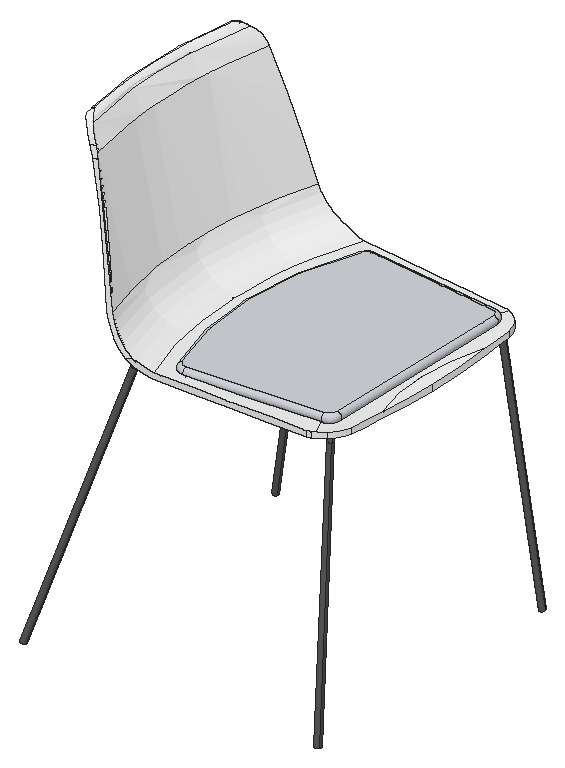
Revit family "FU_Chair_Sandler_VARYA_1-2", category Furniture, Revit 2020
Family settings
  OmniClass Number = 23.21.23.15.17
  Work Plane-Based = Yes
  Always vertical = No
  Cut with Voids When Loaded = No
  Shared = No
  Room Calculation Point = No
Parameters (values of type "VARYA 1.2")
  Youtube clip = ""
  Uniformat II Description = "Movable Furnishings"
  Uniformat II Code = ""
  Uniclass 2015 Name = ""
  Uniclass 2015 Code = ""
  Uniclass 2.0 Description = ""
  Uniclass 2.0 Code = ""
  Uniclass 1.4 Description = ""
  Uniclass 1.4 Code = ""
  UNSPSC Code = ""
  Shell = TP02 : TP02
  Frame = BS02 : BS02
  Technical description = ""
  Shell Material = M1_W01 - White
  Seat Material = Fabric - Mainline Flax - Kensington MLF07
  Height Frame = 458.900 mm
  Frame Material = M1_B00 - Black
  401D = no
  Region South America = "All"
  Region Oceania = "All"
  Region North America = "All"
  Region Middle East = "All"
  Region Europe = "All"
  Region Asia = "All"
  Region Antarctica = "All"
  Region Africa = "All"
  QR code = "https://www.sandlerseating.com/product/dunas-lounge-5-1/"
  Product url = ""
  Product name = "VARYA 1.2"
  Product group = "Chair"
  Product family = "Furniture"
  Product data url = "https://www.sandlerseating.com/product/varya-1-2/"
  Product certification = ""
  Product SKU = "??"
  Product Guid = "??"
  OmniClass Description = ""
  OmniClass Code = "23-21 23 15 17"
  NBS Reference Description = ""
  NBS Reference Code = ""
  Model = "VARYA 1.2"
  Masterformat 2014 Description = "Chair Mats"
  Masterformat 2014 Code = "12 48 43.13"
  Manufacturer name = "Sandler"
  Manufacturer country = "USA"
  Manufacturer = "Sandler"
  401G = no
  Installation instructions = ""
  IFC Classification = "Furnishing Element"
  GTIN code = ""
  Edition number = 1
  Design country = "Brasil"
  Description = "Chair"
  Default Elevation = 1219.200 mm
  Date of publishing = ""
  COBIe Type Category = ""
  Brand url = "https://www.sandlerseating.com/"
  BIMobject main category code = "furniture"
  BIMobject main category = "Furniture"
  BIMobject category code = "furniture-chair"
  BIMobject category = "Chair"
Types (2, lengths in mm): name | Shell | Shell Material | Seat Material | Frame Material | Product name | Product data url | Model
  VARYA 1.2 PP | TP01 : TP01 | M2_M38 | Fabric - Gravity - Wheat CPC21 | M1_W01 - White | "VARYA 1.2 PP" | "https://www.sandlerseating.com/product/varya-1-2-pp/" | "VARYA 1.2 PP"
  VARYA 1.2 | TP02 : TP02 | M1_W01 - White | Fabric - Mainline Flax - Kensington MLF07 | M1_B00 - Black | "VARYA 1.2" | "https://www.sandlerseating.com/product/varya-1-2/" | "VARYA 1.2"
Reference planes
  plane 1 "Center Front/Back": y = 0
  plane 2: z = 0
  plane 3 "Center Left/Right": x = 0
  plane 4 "Heigth Shell": z = 458.9
Dimensions and locks
  "Height Frame": plane 4 "Heigth Shell" to plane 2
  aligned and locked: level to plane 2
Nested families
  nested 1: "BS02" at (-51.25, 1.648, 0) x (0, 1, 0) z (0, 0, 1), type <- "Frame", Frame Material <- "Frame Material", type "BS02"
    with Frame Material M1_B00 - Black
  nested 2: "TP02" at (-60, 0, 428.1) x (0, 1, 0) z (0, 0, 1), type <- "Shell", Shell Material <- "Shell Material", type "TP02"
    with Shell Material M1_W01 - White, Seat Material none
Definition of nested family "BS02"
  Parameters (values of type "BS02")
    Frame Material [instance] = none
    Default Elevation = 0.000 mm
  Reference planes
    plane 1 "Center (Front/Back)": y = 0
    plane 2: z = 0
    plane 3 "Center (Left/Right)": x = 0
  Forms (mm)
    Sweep 1, solid, material <- "Frame Material"
      path origin (-148.48, -68.498, 392.589) x (0.309285, 0.950954, 0.005471) y (0.097586, -0.03746, 0.994522)
        loop
          line (-199.313, -392.852) -> (-155.77, 60.696)
          arc (-155.77, 60.696) -> (-151.887, 68.446) -> (-143.801, 71.571) r 12.024
          line (-143.801, 71.571) -> (-92.631, 71.571)
      profile origin (-219.598, -231.111, 226.45) x (-0.298543, -0.950181, 0.089598) y (0.945949, -0.307057, -0.104385)
        loop
          circle (0, 0) r 5
    Sweep 2, solid, material <- "Frame Material"
      path origin (-143.841, -19.492, 390.714) x (-0.30874, 0.951131, 0.005471) y (0.100967, 0.027054, 0.994522)
        loop
          line (92.709, 71.68) -> (132.709, 71.68)
          arc (132.709, 71.68) -> (147.404, 66.905) -> (156.486, 54.405) r 25
          line (156.486, 54.405) -> (301.067, -390.569)
      profile origin (-231.444, 193.557, 224.804) x (-0.262429, 0.912939, 0.312527) y (0.945772, 0.307601, -0.104385)
        loop
          circle (0, 0) r 5
    Sweep 3, solid, material <- "Frame Material"
      path origin (2.5, 1.908, 24.606) x (1, 0, 0) y (0, 0.99999, 0.004363)
        loop
          line (-167.72, 70.018) -> (-173.009, -160.741)
      profile origin (-167.864, -43.453, 24.408) x (0.999737, -0.022915, -0.0001) y (0, -0.004363, 0.99999)
        loop
          circle (0, 437.656) r 5
    Sweep 4, solid, material <- "Frame Material"
      path origin (148.48, -68.498, 392.589) x (-0.309285, 0.950954, 0.005471) y (0.097586, 0.03746, -0.994522)
        loop
          line (-199.313, 392.852) -> (-155.77, -60.696)
          arc (-155.77, -60.696) -> (-151.887, -68.446) -> (-143.801, -71.571) r 12.024
          line (-143.801, -71.571) -> (-92.631, -71.571)
      profile origin (219.598, -231.111, 226.45) x (-0.298543, 0.950181, -0.089598) y (-0.945949, -0.307057, -0.104385)
        loop
          circle (0, 0) r 5
    Sweep 5, solid, material <- "Frame Material"
      path origin (143.841, -19.492, 390.714) x (0.30874, 0.951131, 0.005471) y (0.100967, -0.027054, -0.994522)
        loop
          line (85.324, -70.51) -> (125.324, -70.51)
          arc (125.324, -70.51) -> (140.019, -65.736) -> (149.1, -53.236) r 25
          line (149.1, -53.236) -> (294.043, 392.852)
      profile origin (229.394, 186.658, 223.048) x (-0.262429, -0.912939, -0.312527) y (-0.945772, 0.307601, -0.104385)
        loop
          circle (0, 0) r 5
    Sweep 6, solid, material <- "Frame Material"
      path origin (-2.5, 1.908, 24.606) x (-1, 0, 0) y (0, -0.99999, -0.004363)
        loop
          line (-166.183, -63.664) -> (-173.009, 160.741)
      profile origin (167.096, -46.63, 24.394) x (0.999538, 0.030405, 0.000133) y (0, -0.004363, 0.99999)
        loop
          circle (0, 437.656) r 5
  Dimensions and locks
    aligned and locked: level to plane 2
Definition of nested family "TP02"
  Parameters (values of type "TP02")
    Youtube clip = ""
    Uniformat II Description = "Movable Furnishings"
    Uniformat II Code = ""
    Uniclass 2015 Name = ""
    Uniclass 2015 Code = ""
    Uniclass 2.0 Description = ""
    Uniclass 2.0 Code = ""
    Uniclass 1.4 Description = ""
    Uniclass 1.4 Code = ""
    UNSPSC Code = ""
    Technical description = ""
    Seat Material [instance] = none
    Default Elevation = 1219.200 mm
    401D = no
    Region South America = "All"
    Region Oceania = "All"
    Region North America = "All"
    Region Middle East = "All"
    Region Europe = "All"
    Region Asia = "All"
    Region Antarctica = "All"
    Region Africa = "All"
    QR code = "https://www.sandlerseating.com/product/dunas-lounge-5-1/"
    Product url = ""
    Product name = "Dunas Lounge 5.1"
    Product group = "Chair"
    Product family = "Furniture"
    Product data url = "https://www.sandlerseating.com/product/dunas-lounge-5-1/"
    Product certification = ""
    Product SKU = "??"
    Product Guid = "??"
    OmniClass Description = ""
    OmniClass Code = "23-21 23 15 17"
    NBS Reference Description = ""
    NBS Reference Code = ""
    Model = "Dunas Lounge 5.1"  # constant formula
    Masterformat 2014 Description = "Chair Mats"
    Masterformat 2014 Code = "12 48 43.13"
    Manufacturer name = "Sandler"
    Manufacturer country = "USA"
    Manufacturer = "Sandler"  # constant formula
    401G = yes
    Installation instructions = ""
    IFC Classification = "Furnishing Element"
    GTIN code = ""
    Edition number = 1
    Design country = "Brasil"
    Description = "Chair"  # constant formula
    Date of publishing = ""
    COBIe Type Category = ""
    Brand url = "https://www.sandlerseating.com/"
    Shell Material [instance] = none
    BIMobject main category code = "furniture"
    BIMobject main category = "Furniture"
    BIMobject category code = "furniture-chair"
    BIMobject category = "Chair"
  Reference planes
    plane 1 "Center Front/Back": y = 0
    plane 2: z = 0
    plane 3 "Center Left/Right": x = 0
    plane 4: y = 234.279
    plane 5: x = 400
    plane 6: x = -400
    plane 7: y = -500
    plane 8: x = -600
    plane 9: x = 600
    plane 10 "Pivo": y = -89.33
  Forms (mm)
    SweptBlend 1, solid, material <- "Shell Material"
      path origin (5.681, -212.5, 0) x (1, 0, 0) y (0, 1, 0)
        loop
          arc (-317.221, 139.285) -> (-9.402, 229.926) -> (301.107, 148.975) r 600
      profile "Profile Lateral : Profile Lateral" origin (-311.539, -73.215, 0) x (-0.528701, 0.848808, 0) y (0, 0, 1)
        loop
          arc (220.072, 373.875) -> (220.776, 379.083) -> (216.324, 381.876) r 4.851
          arc (216.324, 381.876) -> (209.979, 378.228) -> (205.376, 372.537) r 19.958
          arc (205.376, 372.537) -> (196.162, 356.573) -> (188.635, 339.748) r 179.403
          arc (188.635, 339.748) -> (162.543, 233.058) -> (144.335, 124.743) r 1498.854
          arc (144.335, 124.743) -> (120.197, 79.841) -> (74.028, 58.225) r 81.068
          line (74.028, 58.225) -> (-180.577, 50.222)
          arc (-180.577, 50.222) -> (-217.915, 49.974) -> (-255.089, 46.48) r 428.848
          arc (-255.089, 46.48) -> (-277.323, 40.838) -> (-297.701, 30.309) r 100.67
          arc (-297.701, 30.309) -> (-299.067, 23.371) -> (-292.129, 22.005) r 5
          arc (-292.129, 22.005) -> (-273.768, 31.491) -> (-253.736, 36.572) r 90.67
          arc (-253.736, 36.572) -> (-217.251, 39.995) -> (-180.606, 40.216) r 418.848
          line (-180.606, 40.216) -> (74.763, 48.243)
          arc (74.763, 48.243) -> (126.989, 72.501) -> (154.223, 123.238) r 91.068
          arc (154.223, 123.238) -> (172.269, 230.706) -> (198.126, 336.566) r 1488.854
          arc (198.126, 336.566) -> (205.277, 352.434) -> (214.019, 367.485) r 169.403
          arc (214.019, 367.485) -> (216.964, 370.757) -> (220.072, 373.875) r 86.344
      end profile "Profile Lateral : Profile Lateral" origin (306.788, -63.525, 0) x (0.501844, 0.864958, 0) y (0, 0, 1)
        loop
          arc (220.072, 373.875) -> (220.776, 379.083) -> (216.324, 381.876) r 4.851
          arc (216.324, 381.876) -> (209.979, 378.228) -> (205.376, 372.537) r 19.958
          arc (205.376, 372.537) -> (196.162, 356.573) -> (188.635, 339.748) r 179.403
          arc (188.635, 339.748) -> (162.543, 233.058) -> (144.335, 124.743) r 1498.854
          arc (144.335, 124.743) -> (120.197, 79.841) -> (74.028, 58.225) r 81.068
          line (74.028, 58.225) -> (-180.577, 50.222)
          arc (-180.577, 50.222) -> (-217.915, 49.974) -> (-255.089, 46.48) r 428.848
          arc (-255.089, 46.48) -> (-277.323, 40.838) -> (-297.701, 30.309) r 100.67
          arc (-297.701, 30.309) -> (-299.067, 23.371) -> (-292.129, 22.005) r 5
          arc (-292.129, 22.005) -> (-273.768, 31.491) -> (-253.736, 36.572) r 90.67
          arc (-253.736, 36.572) -> (-217.251, 39.995) -> (-180.606, 40.216) r 418.848
          line (-180.606, 40.216) -> (74.763, 48.243)
          arc (74.763, 48.243) -> (126.989, 72.501) -> (154.223, 123.238) r 91.068
          arc (154.223, 123.238) -> (172.269, 230.706) -> (198.126, 336.566) r 1488.854
          arc (198.126, 336.566) -> (205.277, 352.434) -> (214.019, 367.485) r 169.403
          arc (214.019, 367.485) -> (216.964, 370.757) -> (220.072, 373.875) r 86.344
    Extrusion 2, void
      sketch origin (5.681, 0, 0) x (1, 0, 0) y (0, 1, 0)
        loop
          line (-247.765, 106.22) -> (-247.765, 266.22) -> (-487.765, 266.22) -> (-487.765, -333.78) -> (-7.5, -333.78) -> (472.765, -333.78) -> (472.765, 266.22) -> (232.765, 266.22) -> (232.765, 106.22) -> (213.357, -213.191)
          arc (213.357, -213.191) -> (196.502, -241.247) -> (166.837, -255.077) r 55.957
          arc (166.837, -255.077) -> (79.688, -257.728) -> (-7.5, -258.12) r 3363.946
          arc (-7.5, -258.12) -> (-94.688, -257.728) -> (-181.837, -255.077) r 3363.946
          arc (-181.837, -255.077) -> (-211.502, -241.247) -> (-228.357, -213.191) r 55.957
          line (-228.357, -213.191) -> (-247.765, 106.22)
      from 0 to 250
    Extrusion 3, void
      sketch origin (5.681, 0, 0) x (1, 0, 0) y (0, 0, 1)
        loop
          line (232.252, 65.67) -> (445.023, 65.67) -> (445.023, 415.67) -> (145.999, 415.67) -> (145.999, 382.34)
          arc (145.999, 382.34) -> (169.969, 371.303) -> (183.516, 348.657) r 44.637
          line (183.516, 348.657) -> (232.252, 65.67)
        loop
          line (-246.936, 65.67) -> (-200.298, 330.165) -> (-196.12, 348.236)
          arc (-196.12, 348.236) -> (-183.265, 370.366) -> (-160.18, 381.415) r 43.434
          line (-160.18, 381.415) -> (-160.18, 415.67) -> (-460.023, 415.67) -> (-460.023, 65.67) -> (-246.936, 65.67)
      from -241.575 to -47.482
    Extrusion 4, solid, material <- "Seat Material"
      sketch origin (7.5, 0, 0) x (1, 0, 0) y (0, 1, 0)
        loop
          arc (-209.681, 32.791) -> (-219.206, 24.695) -> (-222.063, 12.524) r 20
          line (-222.063, 12.524) -> (-201.985, -216.973)
          arc (-201.985, -216.973) -> (-195.573, -229.976) -> (-182.061, -235.23) r 20
          line (-182.061, -235.23) -> (165.399, -235.23)
          arc (165.399, -235.23) -> (178.911, -229.976) -> (185.323, -216.973) r 20
          line (185.323, -216.973) -> (205.402, 12.524)
          arc (205.402, 12.524) -> (202.545, 24.695) -> (193.019, 32.791) r 20
          arc (193.019, 32.791) -> (-8.331, 72.209) -> (-209.681, 32.791) r 533.965
      from 50.222 to 65
    Sweep 5, void
      path in 3D
        loop
          arc (172.899, -235.23, 65) -> (186.411, -229.976, 65) -> (192.823, -216.973, 65) r 20
          line (192.823, -216.973, 65) -> (212.902, 12.524, 65)
          arc (212.902, 12.524, 65) -> (210.045, 24.695, 65) -> (200.519, 32.791, 65) r 20
          arc (200.519, 32.791, 65) -> (-0.831, 72.209, 65) -> (-202.181, 32.791, 65) r 533.965
          arc (-202.181, 32.791, 65) -> (-211.706, 24.695, 65) -> (-214.563, 12.524, 65) r 20
          line (-214.563, 12.524, 65) -> (-194.485, -216.973, 65)
          arc (-194.485, -216.973, 65) -> (-188.073, -229.976, 65) -> (-174.561, -235.23, 65) r 20
          line (-174.561, -235.23, 65) -> (172.899, -235.23, 65)
      profile origin (-0.831, -235.23, 65) x (0, 1, 0) y (0, 0, 1)
        loop
          line (7.389, 0) -> (-2.611, 0) -> (-2.611, -14.778) -> (7.389, -14.778)
          arc (7.389, -14.778) -> (0, -7.389) -> (7.389, 0) r 7.389
  Cuts and joins
    Extrusion 2, Extrusion 3 cuts SweptBlend 1
    Sweep 5 cuts Extrusion 4
  Lines and regions (mm)
    sketch lines
      curve 1: line (-174.561, -235.23, 65) -> (172.899, -235.23, 65)
      curve 2: arc (192.823, -216.973, 65) -> (186.411, -229.976, 65) -> (172.899, -235.23, 65) r 20
      curve 3: line (192.823, -216.973, 65) -> (212.902, 12.524, 65)
      curve 4: arc (200.519, 32.791, 65) -> (210.045, 24.695, 65) -> (212.902, 12.524, 65) r 20
      curve 5: arc (-202.181, 32.791, 65) -> (-0.831, 72.209, 65) -> (200.519, 32.791, 65) r 533.965
      curve 6: arc (-214.563, 12.524, 65) -> (-211.706, 24.695, 65) -> (-202.181, 32.791, 65) r 20
      curve 7: line (-214.563, 12.524, 65) -> (-194.485, -216.973, 65)
      curve 8: arc (-174.561, -235.23, 65) -> (-188.073, -229.976, 65) -> (-194.485, -216.973, 65) r 20
  Dimensions and locks
    equal spacing: plane 6, plane 3 "Center Left/Right", plane 5
    plane 6 to plane 3 "Center Left/Right" = 400.000 mm
    aligned and locked: level to plane 2
  Automatic sketch dimensions
    plane 3 "Center Left/Right" to SweptBlend 1 sketch curve = 5.681 mm
    SweptBlend 1 sketch curve to plane 7 = 82.500 mm
    plane 6 to SweptBlend 1 sketch curve = 88.461 mm
    SweptBlend 1 sketch curve to plane 5 = 93.212 mm
    plane 1 "Center Front/Back" to SweptBlend 1 sketch curve = 73.215 mm
    Extrusion 2 sketch curve to plane 3 "Center Left/Right" = 1.819 mm  (x2)
    Extrusion 2 sketch curve to plane 3 "Center Left/Right" = 30.298 mm
    Extrusion 2 sketch curve to plane 3 "Center Left/Right" = 168.378 mm
    Extrusion 2 sketch curve to Extrusion 2 sketch curve = 54.298 mm  (x2)
    plane 6 to Extrusion 2 sketch curve = 157.917 mm
    Extrusion 2 sketch curve to plane 6 = 82.083 mm
    plane 3 "Center Left/Right" to Extrusion 2 sketch curve = 26.661 mm
    plane 3 "Center Left/Right" to Extrusion 2 sketch curve = 164.741 mm
    Extrusion 2 sketch curve to plane 5 = 161.554 mm
    plane 5 to Extrusion 2 sketch curve = 78.446 mm
    plane 1 "Center Front/Back" to Extrusion 2 sketch curve = 213.191 mm  (x2)
    Extrusion 2 sketch curve to Extrusion 2 sketch curve = 13.528 mm  (x2)
    Extrusion 2 sketch curve to plane 1 "Center Front/Back" = 106.220 mm  (x2)
    plane 4 to Extrusion 2 sketch curve = 31.941 mm  (x2)
    Extrusion 2 sketch curve to Extrusion 2 sketch curve = 2839.485 mm
    Extrusion 2 sketch curve to Extrusion 2 sketch curve = 0.000 mm
    plane 7 to Extrusion 2 sketch curve = 166.220 mm
    Extrusion 2 sketch curve to Extrusion 2 sketch curve = 7.778 mm
    Extrusion 3 sketch curve to plane 6 = 54.341 mm
    level to Extrusion 3 sketch curve = 65.670 mm  (x2)
    plane 6 to Extrusion 3 sketch curve = 158.746 mm
    plane 6 to Extrusion 3 sketch curve = 205.383 mm
    Extrusion 3 sketch curve to Extrusion 3 sketch curve = 4.178 mm
    Extrusion 3 sketch curve to Extrusion 3 sketch curve = 35.941 mm
    Extrusion 3 sketch curve to Extrusion 3 sketch curve = 6.377 mm
    plane 3 "Center Left/Right" to Extrusion 3 sketch curve = 145.830 mm
    Extrusion 3 sketch curve to Extrusion 3 sketch curve = 5.851 mm
    plane 5 to Extrusion 3 sketch curve = 50.704 mm
    Extrusion 3 sketch curve to Extrusion 3 sketch curve = 264.495 mm
    Extrusion 3 sketch curve to Extrusion 3 sketch curve = 272.419 mm
    Extrusion 3 sketch curve to Extrusion 3 sketch curve = 8.287 mm
    Extrusion 3 sketch curve to Extrusion 3 sketch curve = 18.071 mm
    Extrusion 3 sketch curve to Extrusion 3 sketch curve = 44.252 mm
    Extrusion 3 sketch curve to Extrusion 3 sketch curve = 34.255 mm
    Extrusion 3 sketch curve to Extrusion 3 sketch curve = 33.330 mm
    Extrusion 3 sketch curve to Extrusion 3 sketch curve = 43.368 mm
    Extrusion 3 sketch curve to plane 5 = 162.066 mm
    Extrusion 4 sketch curve to plane 1 "Center Front/Back" = 12.524 mm  (x2)
    plane 6 to Extrusion 4 sketch curve = 185.437 mm
    Extrusion 4 sketch curve to Extrusion 4 sketch curve = 19.924 mm  (x4)
    plane 6 to Extrusion 4 sketch curve = 205.515 mm
    Extrusion 4 sketch curve to plane 3 "Center Left/Right" = 0.831 mm
    plane 3 "Center Left/Right" to Extrusion 4 sketch curve = 172.899 mm
    Extrusion 4 sketch curve to plane 1 "Center Front/Back" = 14.267 mm  (x2)
    Extrusion 4 sketch curve to Extrusion 4 sketch curve = 20.078 mm
    plane 1 "Center Front/Back" to Extrusion 4 sketch curve = 215.230 mm
    Extrusion 4 sketch curve to Extrusion 4 sketch curve = 1.743 mm
    Extrusion 4 sketch curve to Extrusion 4 sketch curve = 20.000 mm
    plane 7 to Extrusion 4 sketch curve = 38.244 mm
    Extrusion 4 sketch curve to Extrusion 4 sketch curve = 0.000 mm
    Sweep 5 sketch curve to profile plane = 0.000 mm
    Sweep 5 sketch curve to profile plane = 7.389 mm
    Sweep 5 sketch curve to Sweep 5 sketch curve = 7.389 mm
    profile plane to Sweep 5 sketch curve = 2.611 mm
